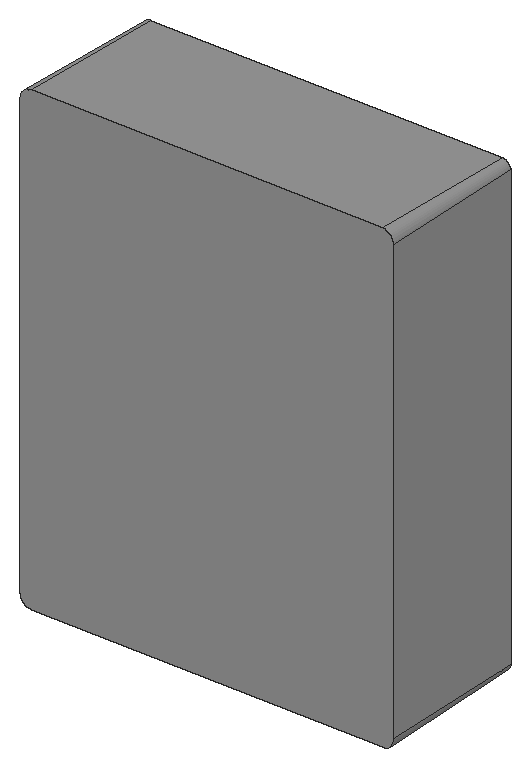
Revit family "L&L_LUCE&LIGHT_PASITO_MINI_1.2", category Lighting Fixtures, host Wall, Revit 2018 (continued)
Types (2, lengths in cm): name | Photometric Web File | built-in parameter 1150142
    7 0.10 0.13 0.20 0.28 0.38 0.51 \r\n0.67 0.80 1.02 1.35 1.92 10.88 28.24 39.58 41.61 43.07 \r\n44.89 47.09 48.36 49.02 49.03 48.70 49.01 50.02 51.15 \r\n51.78 52.26 52.91 53.81 54.80 55.75 56.78 57.92 58.70 \r\n59.53 60.85 62.20 63.68 65.09 66.15 66.91 67.66 68.39 \r\n69.05 69.65 69.94 70.26 70.61 70.87 71.18 71.59 72.22 \r\n72.98 73.66 74.14 74.44 74.75 75.14 75.61 76.20 76.94 \r\n77.62 78.01 78.19 78.41 78.85 79.50 79.80 78.14 73.07 \r\n64.49 53.90 42.51 30.92 20.01 11.28 5.86 3.30 2.68 2.46 \r\n2.29 2.19 2.11 2.03 1.96 1.89 1.83 1.76 1.71 1.65 1.59 \r\n1.54 1.48 1.43 1.38 1.34 1.30 1.28 1.25 1.22 1.18 1.14 \r\n1.10 1.06 1.02 0.98 0.94 0.91 0.88 0.86 0.84 0.82 0.80 \r\n0.78 0.75 0.73 0.71 0.69 0.66 0.64 0.62 0.60 0.58 0.56 \r\n0.53 0.51 0.49 0.47 0.45 0.43 0.41 0.39 0.37 0.35 0.34 \r\n0.32 0.31 0.29 0.28 0.26 0.25 0.23 0.22 0.21 0.20 0.18 \r\n0.17 0.16 0.15 0.14 0.13 0.12 0.11 0.10 0.09 0.08 0.07 \r\n0.07 0.06 0.05 0.05 0.04 0.04 0.03 0.03 0.02 0.02 0.02 \r\n0.02 0.01 0.01 0.01 0.01 0.01 0.00 0.00 \r\n0.00 0.00 0.02 0.04 0.08 0.10 0.15 0.22 0.31 0.42 0.56 \r\n0.72 0.90 1.15 1.64 7.01 23.21 37.78 41.00 42.37 44.00 \r\n46.13 47.33 47.84 47.70 47.12 47.22 48.21 49.21 49.69 \r\n50.21 50.81 51.63 52.49 53.31 54.21 54.93 55.26 56.09 \r\n57.06 58.23 59.61 60.87 61.90 62.75 63.37 63.84 64.45 \r\n64.98 65.36 65.62 65.81 65.96 66.16 66.49 66.94 67.43 \r\n67.82 68.16 68.51 68.91 69.23 69.59 70.15 70.68 71.05 \r\n71.33 71.57 71.84 71.93 71.87 71.67 71.18 67.68 60.56 \r\n51.24 41.63 31.77 21.70 12.89 6.66 3.37 2.47 2.17 2.10 \r\n2.02 1.95 1.89 1.82 1.76 1.71 1.66 1.61 1.56 1.51 1.47 \r\n1.42 1.37 1.33 1.29 1.26 1.23 1.20 1.17 1.13 1.10 1.06 \r\n1.02 0.99 0.96 0.93 0.90 0.87 0.84 0.82 0.80 0.79 0.77 \r\n0.75 0.73 0.71 0.69 0.67 0.65 0.64 0.61 0.59 0.58 0.55 \r\n0.53 0.51 0.49 0.48 0.46 0.44 0.42 0.40 0.38 0.36 0.35 \r\n0.33 0.32 0.31 0.29 0.27 0.26 0.25 0.23 0.22 0.21 0.20 \r\n0.18 0.17 0.16 0.15 0.14 0.13 0.12 0.11 0.10 0.09 0.08 \r\n0.07 0.06 0.06 0.05 0.04 0.04 0.03 0.03 0.03 0.02 0.02 \r\n0.02 0.01 0.01 0.01 0.01 0.01 0.00 0.00 \r\n0.00 0.00 0.02 0.05 0.08 0.11 0.16 0.24 0.33 0.46 0.61 \r\n0.76 0.96 1.32 2.90 13.29 33.41 40.10 41.67 43.03 45.00 \r\n46.43 46.94 46.77 45.97 45.67 46.41 47.23 47.65 48.03 \r\n48.35 49.02 49.73 50.47 51.22 51.75 52.14 52.70 53.45 \r\n54.40 55.46 56.44 57.35 58.18 58.80 59.43 60.09 60.60 \r\n61.01 61.22 61.39 61.63 62.00 62.26 62.48 62.71 62.82 \r\n62.86 63.03 63.34 63.61 63.88 64.19 64.57 64.97 65.29 \r\n65.55 65.72 65.74 65.56 65.33 64.97 63.18 58.07 50.31 \r\n41.50 32.54 23.57 14.57 7.35 3.76 2.43 2.09 1.95 1.87 \r\n1.82 1.76 1.71 1.65 1.61 1.56 1.52 1.48 1.43 1.39 1.35 \r\n1.31 1.27 1.23 1.21 1.18 1.15 1.11 1.07 1.04 1.01 0.98 \r\n0.95 0.93 0.90 0.88 0.85 0.82 0.80 0.78 0.76 0.75 0.73 \r\n0.72 0.70 0.68 0.67 0.65 0.63 0.62 0.60 0.58 0.56 0.55 \r\n0.53 0.51 0.49 0.47 0.46 0.44 0.42 0.41 0.39 0.37 0.36 \r\n0.34 0.33 0.31 0.30 0.28 0.27 0.25 0.24 0.23 0.22 0.20 \r\n0.19 0.18 0.17 0.16 0.14 0.13 0.12 0.11 0.10 0.09 0.08 \r\n0.07 0.07 0.06 0.05 0.05 0.04 0.04 0.03 0.03 0.02 0.02 \r\n0.02 0.01 0.01 0.01 0.01 0.01 0.00 0.00 \r\n0.00 0.00 0.02 0.05 0.08 0.11 0.17 0.25 0.35 0.48 0.64 \r\n0.81 1.02 1.47 5.40 20.47 37.07 40.90 42.25 43.79 45.60 \r\n46.42 46.38 45.63 44.82 45.07 45.77 46.10 46.40 46.49 \r\n46.86 47.33 47.85 48.35 48.71 48.92 49.25 49.64 50.25 \r\n51.05 51.75 52.34 52.77 53.13 53.55 54.02 54.44 54.82 \r\n54.88 54.86 54.93 55.15 55.31 55.34 55.55 55.91 56.22 \r\n56.58 56.90 57.05 57.25 57.49 57.73 58.24 58.86 59.26 \r\n59.50 59.74 59.76 59.76 59.66 59.03 56.47 50.61 42.71 \r\n34.92 26.98 18.60 10.96 5.00 2.64 2.05 1.83 1.77 1.72 \r\n1.66 1.62 1.57 1.53 1.49 1.46 1.42 1.38 1.33 1.29 1.26 \r\n1.22 1.19 1.16 1.13 1.10 1.06 1.03 1.00 0.97 0.94 0.91 \r\n0.89 0.87 0.84 0.83 0.81 0.78 0.75 0.73 0.72 0.70 0.69 \r\n0.68 0.67 0.65 0.64 0.62 0.61 0.59 0.58 0.56 0.55 0.53 \r\n0.52 0.50 0.49 0.47 0.45 0.44 0.42 0.41 0.39 0.37 0.36 \r\n0.34 0.33 0.31 0.30 0.29 0.27 0.26 0.25 0.24 0.22 0.21 \r\n0.20 0.18 0.17 0.16 0.15 0.14 0.13 0.12 0.11 0.10 0.09 \r\n0.08 0.07 0.06 0.05 0.05 0.04 0.04 0.03 0.03 0.02 0.02 \r\n0.02 0.01 0.01 0.01 0.01 0.01 0.00 0.00 \r\n0.00 0.00 0.02 0.05 0.09 0.12 0.17 0.26 0.37 0.50 0.67 \r\n0.85 1.09 1.56 6.34 24.67 38.21 41.61 42.91 44.50 46.12 \r\n46.68 46.29 45.24 44.65 45.06 45.44 45.67 45.80 45.88 \r\n46.16 46.49 46.72 46.97 46.96 46.83 46.96 47.03 47.36 \r\n47.72 47.95 48.06 47.99 47.97 48.07 48.06 48.06 47.93 \r\n47.48 47.17 47.04 47.11 47.25 47.25 47.30 47.31 47.31 \r\n47.43 47.60 47.67 47.76 47.97 48.27 48.61 48.98 49.31 \r\n49.61 49.87 50.08 50.24 50.05 49.57 47.38 41.82 35.35 \r\n28.40 21.50 14.52 8.19 3.78 2.27 1.81 1.70 1.64 1.59 1.55 \r\n1.51 1.47 1.43 1.39 1.36 1.32 1.28 1.24 1.21 1.18 1.15 \r\n1.11 1.08 1.05 1.01 0.98 0.95 0.93 0.91 0.88 0.86 0.84 \r\n0.82 0.80 0.78 0.76 0.74 0.71 0.69 0.68 0.67 0.66 0.65 \r\n0.64 0.62 0.61 0.59 0.58 0.57 0.55 0.54 0.53 0.51 0.50 \r\n0.48 0.47 0.46 0.44 0.43 0.42 0.40 0.39 0.37 0.36 0.35 \r\n0.33 0.32 0.30 0.29 0.28 0.27 0.25 0.24 0.23 0.22 0.20 \r\n0.19 0.18 0.17 0.15 0.14 0.13 0.12 0.11 0.10 0.09 0.08 \r\n0.07 0.07 0.06 0.05 0.04 0.04 0.03 0.03 0.03 0.02 0.02 \r\n0.02 0.01 0.01 0.01 0.01 0.00 0.00 \r\n0.00 0.00 0.02 0.05 0.09 0.12 0.18 0.27 0.37 0.51 0.69 \r\n0.87 1.11 1.58 5.28 26.37 38.90 42.15 43.43 45.07 46.77 \r\n47.18 46.79 45.60 45.20 45.63 45.91 46.18 46.24 46.33 \r\n46.47 46.73 46.71 46.84 46.43 46.19 46.05 45.78 45.77 \r\n45.69 45.49 45.17 44.63 44.17 43.76 43.33 42.89 42.23 \r\n41.44 40.76 40.26 39.89 39.59 39.22 38.81 38.50 38.27 \r\n38.10 37.98 37.86 37.74 37.70 37.70 37.86 38.13 38.35 \r\n38.54 38.71 38.88 39.05 39.12 38.85 36.77 32.11 26.86 \r\n21.53 16.25 11.11 6.01 2.87 1.99 1.68 1.60 1.55 1.51 1.47 \r\n1.44 1.40 1.36 1.33 1.30 1.26 1.22 1.19 1.16 1.13 1.10 \r\n1.07 1.03 1.00 0.97 0.94 0.91 0.89 0.87 0.84 0.82 0.80 \r\n0.79 0.77 0.75 0.74 0.72 0.69 0.67 0.66 0.65 0.64 0.63 \r\n0.62 0.61 0.60 0.59 0.58 0.57 0.55 0.54 0.53 0.52 0.51 \r\n0.49 0.48 0.47 0.45 0.44 0.43 0.41 0.40 0.38 0.37 0.36 \r\n0.34 0.33 0.31 0.30 0.28 0.27 0.26 0.25 0.23 0.22 0.21 \r\n0.20 0.18 0.17 0.16 0.15 0.13 0.12 0.11 0.10 0.09 0.08 \r\n0.08 0.07 0.06 0.05 0.05 0.04 0.03 0.03 0.03 0.02 0.02 \r\n0.02 0.01 0.01 0.01 0.01 0.00 0.00 \r\n0.00 0.00 0.02 0.05 0.09 0.12 0.18 0.27 0.37 0.51 0.69 \r\n0.87 1.09 1.52 3.07 25.42 39.07 42.52 43.77 45.43 47.35 \r\n47.83 47.63 46.46 46.05 46.53 46.87 47.22 47.31 47.39 \r\n47.39 47.74 47.57 47.60 47.18 46.72 46.53 45.99 45.88 \r\n45.66 45.32 44.77 44.19 43.47 43.01 42.29 41.50 40.76 \r\n39.62 38.78 37.97 37.39 36.97 36.47 36.01 35.57 35.18 \r\n34.95 34.74 34.56 34.45 34.40 34.34 34.31 34.45 34.64 \r\n34.82 34.90 34.99 35.13 35.22 35.01 33.95 30.18 25.60 \r\n20.63 15.69 11.45 7.00 3.29 2.23 1.77 1.66 1.61 1.57 1.53 \r\n1.49 1.46 1.42 1.38 1.31 1.29 1.25 1.21 1.18 1.15 1.12 \r\n1.09 1.05 1.01 0.98 0.96 0.93 0.90 0.88 0.86 0.84 0.82 \r\n0.80 0.78 0.77 0.75 0.73 0.70 0.69 0.67 0.66 0.65 0.64 \r\n0.63 0.62 0.61 0.59 0.58 0.57 0.56 0.55 0.54 0.52 0.51 \r\n0.50 0.49 0.47 0.46 0.44 0.43 0.41 0.40 0.39 0.37 0.36 \r\n0.34 0.33 0.31 0.30 0.29 0.28 0.26 0.25 0.24 0.23 0.21 \r\n0.20 0.19 0.17 0.16 0.15 0.14 0.13 0.11 0.10 0.09 0.08 \r\n0.08 0.07 0.06 0.05 0.05 0.04 0.04 0.03 0.03 0.02 0.02 \r\n0.02 0.01 0.01 0.01 0.01 0.00 0.00 \r\n0.00 0.00 0.02 0.05 0.09 0.12 0.18 0.27 0.37 0.51 0.69 \r\n0.87 1.11 1.58 5.28 26.37 38.90 42.15 43.43 45.07 46.77 \r\n47.18 46.79 45.60 45.20 45.63 45.91 46.18 46.24 46.33 \r\n46.47 46.73 46.71 46.84 46.43 46.19 46.05 45.78 45.77 \r\n45.69 45.49 45.17 44.63 44.17 43.76 43.33 42.89 42.23 \r\n41.44 40.76 40.26 39.89 39.59 39.22 38.81 38.50 38.27 \r\n38.10 37.98 37.86 37.74 37.70 37.70 37.86 38.13 38.35 \r\n38.54 38.71 38.88 39.05 39.12 38.85 36.77 32.11 26.86 \r\n21.53 16.25 11.11 6.01 2.87 1.99 1.68 1.60 1.55 1.51 1.47 \r\n1.44 1.40 1.36 1.33 1.30 1.26 1.22 1.19 1.16 1.13 1.10 \r\n1.07 1.03 1.00 0.97 0.94 0.91 0.89 0.87 0.84 0.82 0.80 \r\n0.79 0.77 0.75 0.74 0.72 0.69 0.67 0.66 0.65 0.64 0.63 \r\n0.62 0.61 0.60 0.59 0.58 0.57 0.55 0.54 0.53 0.52 0.51 \r\n0.49 0.48 0.47 0.45 0.44 0.43 0.41 0.40 0.38 0.37 0.36 \r\n0.34 0.33 0.31 0.30 0.28 0.27 0.26 0.25 0.23 0.22 0.21 \r\n0.20 0.18 0.17 0.16 0.15 0.13 0.12 0.11 0.10 0.09 0.08 \r\n0.08 0.07 0.06 0.05 0.05 0.04 0.03 0.03 0.03 0.02 0.02 \r\n0.02 0.01 0.01 0.01 0.01 0.00 0.00 \r\n0.00 0.00 0.02 0.05 0.09 0.12 0.17 0.26 0.37 0.50 0.67 \r\n0.85 1.09 1.56 6.34 24.67 38.21 41.61 42.91 44.50 46.12 \r\n46.68 46.29 45.24 44.65 45.06 45.44 45.67 45.80 45.88 \r\n46.16 46.49 46.72 46.97 46.96 46.83 46.96 47.03 47.36 \r\n47.72 47.95 48.06 47.99 47.97 48.07 48.06 48.06 47.93 \r\n47.48 47.17 47.04 47.11 47.25 47.25 47.30 47.31 47.31 \r\n47.43 47.60 47.67 47.76 47.97 48.27 48.61 48.98 49.31 \r\n49.61 49.87 50.08 50.24 50.05 49.57 47.38 41.82 35.35 \r\n28.40 21.50 14.52 8.19 3.78 2.27 1.81 1.70 1.64 1.59 1.55 \r\n1.51 1.47 1.43 1.39 1.36 1.32 1.28 1.24 1.21 1.18 1.15 \r\n1.11 1.08 1.05 1.01 0.98 0.95 0.93 0.91 0.88 0.86 0.84 \r\n0.82 0.80 0.78 0.76 0.74 0.71 0.69 0.68 0.67 0.66 0.65 \r\n0.64 0.62 0.61 0.59 0.58 0.57 0.55 0.54 0.53 0.51 0.50 \r\n0.48 0.47 0.46 0.44 0.43 0.42 0.40 0.39 0.37 0.36 0.35 \r\n0.33 0.32 0.30 0.29 0.28 0.27 0.25 0.24 0.23 0.22 0.20 \r\n0.19 0.18 0.17 0.15 0.14 0.13 0.12 0.11 0.10 0.09 0.08 \r\n0.07 0.07 0.06 0.05 0.04 0.04 0.03 0.03 0.03 0.02 0.02 \r\n0.02 0.01 0.01 0.01 0.01 0.00 0.00 \r\n0.00 0.00 0.02 0.05 0.08 0.11 0.17 0.25 0.35 0.48 0.64 \r\n0.81 1.02 1.47 5.40 20.47 37.07 40.90 42.25 43.79 45.60 \r\n46.42 46.38 45.63 44.82 45.07 45.77 46.10 46.40 46.49 \r\n46.86 47.33 47.85 48.35 48.71 48.92 49.25 49.64 50.25 \r\n51.05 51.75 52.34 52.77 53.13 53.55 54.02 54.44 54.82 \r\n54.88 54.86 54.93 55.15 55.31 55.34 55.55 55.91 56.22 \r\n56.58 56.90 57.05 57.25 57.49 57.73 58.24 58.86 59.26 \r\n59.50 59.74 59.76 59.76 59.66 59.03 56.47 50.61 42.71 \r\n34.92 26.98 18.60 10.96 5.00 2.64 2.05 1.83 1.77 1.72 \r\n1.66 1.62 1.57 1.53 1.49 1.46 1.42 1.38 1.33 1.29 1.26 \r\n1.22 1.19 1.16 1.13 1.10 1.06 1.03 1.00 0.97 0.94 0.91 \r\n0.89 0.87 0.84 0.83 0.81 0.78 0.75 0.73 0.72 0.70 0.69 \r\n0.68 0.67 0.65 0.64 0.62 0.61 0.59 0.58 0.56 0.55 0.53 \r\n0.52 0.50 0.49 0.47 0.45 0.44 0.42 0.41 0.39 0.37 0.36 \r\n0.34 0.33 0.31 0.30 0.29 0.27 0.26 0.25 0.24 0.22 0.21 \r\n0.20 0.18 0.17 0.16 0.15 0.14 0.13 0.12 0.11 0.10 0.09 \r\n0.08 0.07 0.06 0.05 0.05 0.04 0.04 0.03 0.03 0.02 0.02 \r\n0.02 0.01 0.01 0.01 0.01 0.01 0.00 0.00 \r\n0.00 0.00 0.02 0.05 0.08 0.11 0.16 0.24 0.33 0.46 0.61 \r\n0.76 0.96 1.32 2.90 13.29 33.41 40.10 41.67 43.03 45.00 \r\n46.43 46.94 46.77 45.97 45.67 46.41 47.23 47.65 48.03 \r\n48.35 49.02 49.73 50.47 51.22 51.75 52.14 52.70 53.45 \r\n54.40 55.46 56.44 57.35 58.18 58.80 59.43 60.09 60.60 \r\n61.01 61.22 61.39 61.63 62.00 62.26 62.48 62.71 62.82 \r\n62.86 63.03 63.34 63.61 63.88 64.19 64.57 64.97 65.29 \r\n65.55 65.72 65.74 65.56 65.33 64.97 63.18 58.07 50.31 \r\n41.50 32.54 23.57 14.57 7.35 3.76 2.43 2.09 1.95 1.87 \r\n1.82 1.76 1.71 1.65 1.61 1.56 1.52 1.48 1.43 1.39 1.35 \r\n1.31 1.27 1.23 1.21 1.18 1.15 1.11 1.07 1.04 1.01 0.98 \r\n0.95 0.93 0.90 0.88 0.85 0.82 0.80 0.78 0.76 0.75 0.73 \r\n0.72 0.70 0.68 0.67 0.65 0.63 0.62 0.60 0.58 0.56 0.55 \r\n0.53 0.51 0.49 0.47 0.46 0.44 0.42 0.41 0.39 0.37 0.36 \r\n0.34 0.33 0.31 0.30 0.28 0.27 0.25 0.24 0.23 0.22 0.20 \r\n0.19 0.18 0.17 0.16 0.14 0.13 0.12 0.11 0.10 0.09 0.08 \r\n0.07 0.07 0.06 0.05 0.05 0.04 0.04 0.03 0.03 0.02 0.02 \r\n0.02 0.01 0.01 0.01 0.01 0.01 0.00 0.00 \r\n0.00 0.00 0.02 0.04 0.08 0.10 0.15 0.22 0.31 0.42 0.56 \r\n0.72 0.90 1.15 1.64 7.01 23.21 37.78 41.00 42.37 44.00 \r\n46.13 47.33 47.84 47.70 47.12 47.22 48.21 49.21 49.69 \r\n50.21 50.81 51.63 52.49 53.31 54.21 54.93 55.26 56.09 \r\n57.06 58.23 59.61 60.87 61.90 62.75 63.37 63.84 64.45 \r\n64.98 65.36 65.62 65.81 65.96 66.16 66.49 66.94 67.43 \r\n67.82 68.16 68.51 68.91 69.23 69.59 70.15 70.68 71.05 \r\n71.33 71.57 71.84 71.93 71.87 71.67 71.18 67.68 60.56 \r\n51.24 41.63 31.77 21.70 12.89 6.66 3.37 2.47 2.17 2.10 \r\n2.02 1.95 1.89 1.82 1.76 1.71 1.66 1.61 1.56 1.51 1.47 \r\n1.42 1.37 1.33 1.29 1.26 1.23 1.20 1.17 1.13 1.10 1.06 \r\n1.02 0.99 0.96 0.93 0.90 0.87 0.84 0.82 0.80 0.79 0.77 \r\n0.75 0.73 0.71 0.69 0.67 0.65 0.64 0.61 0.59 0.58 0.55 \r\n0.53 0.51 0.49 0.48 0.46 0.44 0.42 0.40 0.38 0.36 0.35 \r\n0.33 0.32 0.31 0.29 0.27 0.26 0.25 0.23 0.22 0.21 0.20 \r\n0.18 0.17 0.16 0.15 0.14 0.13 0.12 0.11 0.10 0.09 0.08 \r\n0.07 0.06 0.06 0.05 0.04 0.04 0.03 0.03 0.03 0.02 0.02 \r\n0.02 0.01 0.01 0.01 0.01 0.01 0.00 0.00 \r\n0.00 0.00 0.01 0.04 0.07 0.10 0.13 0.20 0.28 0.38 0.51 \r\n0.67 0.80 1.02 1.35 1.92 10.88 28.24 39.58 41.61 43.07 \r\n44.89 47.09 48.36 49.02 49.03 48.70 49.01 50.02 51.15 \r\n51.78 52.26 52.91 53.81 54.80 55.75 56.78 57.92 58.70 \r\n59.53 60.85 62.20 63.68 65.09 66.15 66.91 67.66 68.39 \r\n69.05 69.65 69.94 70.26 70.61 70.87 71.18 71.59 72.22 \r\n72.98 73.66 74.14 74.44 74.75 75.14 75.61 76.20 76.94 \r\n77.62 78.01 78.19 78.41 78.85 79.50 79.80 78.14 73.07 \r\n64.49 53.90 42.51 30.92 20.01 11.28 5.86 3.30 2.68 2.46 \r\n2.29 2.19 2.11 2.03 1.96 1.89 1.83 1.76 1.71 1.65 1.59 \r\n1.54 1.48 1.43 1.38 1.34 1.30 1.28 1.25 1.22 1.18 1.14 \r\n1.10 1.06 1.02 0.98 0.94 0.91 0.88 0.86 0.84 0.82 0.80 \r\n0.78 0.75 0.73 0.71 0.69 0.66 0.64 0.62 0.60 0.58 0.56 \r\n0.53 0.51 0.49 0.47 0.45 0.43 0.41 0.39 0.37 0.35 0.34 \r\n0.32 0.31 0.29 0.28 0.26 0.25 0.23 0.22 0.21 0.20 0.18 \r\n0.17 0.16 0.15 0.14 0.13 0.12 0.11 0.10 0.09 0.08 0.07 \r\n0.07 0.06 0.05 0.05 0.04 0.04 0.03 0.03 0.02 0.02 0.02 \r\n0.02 0.01 0.01 0.01 0.01 0.01 0.00 0.00 \r\n0.00 0.00 0.01 0.03 0.07 0.09 0.12 0.17 0.25 0.34 0.45 \r\n0.59 0.75 0.90 1.13 1.53 2.59 12.81 29.47 39.83 42.10 \r\n43.69 45.55 47.84 49.53 50.33 50.73 50.46 50.64 51.68 \r\n52.94 53.81 54.59 55.35 56.32 57.61 58.85 60.05 61.41 \r\n62.69 63.53 64.82 66.33 67.65 69.04 70.29 71.29 72.17 \r\n73.03 73.80 74.43 75.00 75.63 76.24 76.90 77.49 78.08 \r\n78.91 79.88 80.70 81.35 81.96 82.56 83.25 84.00 84.73 \r\n85.47 86.24 86.84 87.05 87.13 87.48 87.89 87.33 85.82 \r\n80.23 70.88 59.04 45.90 32.36 19.73 9.81 5.67 4.26 3.03 \r\n2.64 2.51 2.39 2.21 2.14 2.10 2.04 1.96 1.88 1.80 1.74 \r\n1.67 1.61 1.54 1.48 1.42 1.37 1.33 1.29 1.26 1.22 1.18 \r\n1.14 1.09 1.05 1.00 0.97 0.94 0.91 0.89 0.86 0.84 0.82 \r\n0.79 0.76 0.74 0.71 0.69 0.66 0.64 0.61 0.59 0.57 0.54 \r\n0.52 0.50 0.47 0.45 0.43 0.41 0.39 0.37 0.35 0.34 0.32 \r\n0.30 0.29 0.27 0.26 0.25 0.23 0.22 0.21 0.20 0.18 0.17 \r\n0.16 0.15 0.14 0.13 0.12 0.11 0.10 0.09 0.08 0.08 0.07 \r\n0.06 0.05 0.05 0.04 0.04 0.03 0.03 0.03 0.02 0.02 0.02 \r\n0.01 0.01 0.01 0.01 0.01 0.01 0.00 0.00 \r\n0.00 0.00 0.01 0.03 0.06 0.09 0.11 0.15 0.22 0.30 0.39 \r\n0.51 0.66 0.82 0.98 1.24 1.66 2.60 12.36 28.00 38.86 \r\n42.50 44.24 46.10 48.40 50.65 51.91 52.61 52.92 53.00 \r\n53.71 55.24 56.82 57.95 58.98 60.06 61.38 62.86 64.33 \r\n65.74 67.26 68.54 69.47 70.73 72.26 73.68 75.17 76.71 \r\n78.06 79.22 80.34 81.44 82.41 83.39 84.39 85.33 86.23 \r\n87.11 87.96 88.85 89.76 90.65 91.61 92.69 93.79 94.85 \r\n95.88 97.03 98.26 99.32 100.04 100.61 101.23 101.53 \r\n100.62 97.08 90.08 79.41 65.94 51.30 36.94 24.12 13.83 \r\n6.66 3.96 3.49 3.06 2.71 2.58 2.45 2.33 2.14 2.06 2.03 \r\n1.97 1.89 1.79 1.70 1.62 1.56 1.49 1.43 1.37 1.32 1.27 \r\n1.22 1.17 1.13 1.08 1.04 1.00 0.97 0.94 0.91 0.89 0.86 \r\n0.83 0.80 0.78 0.75 0.72 0.70 0.67 0.64 0.62 0.59 0.56 \r\n0.54 0.52 0.49 0.46 0.44 0.42 0.40 0.38 0.36 0.34 0.33 \r\n0.31 0.29 0.28 0.27 0.25 0.24 0.23 0.21 0.20 0.19 0.18 \r\n0.17 0.16 0.14 0.13 0.12 0.11 0.11 0.10 0.09 0.08 0.07 \r\n0.07 0.06 0.05 0.05 0.04 0.04 0.03 0.03 0.03 0.02 0.02 \r\n0.02 0.02 0.01 0.01 0.01 0.01 0.01 0.01 0.00 0.00 \r\n0.00 0.00 0.01 0.02 0.05 0.08 0.10 0.12 0.18 0.25 0.33 \r\n0.43 0.55 0.70 0.87 1.00 1.30 1.62 2.94 8.55 23.20 36.02 \r\n42.45 45.01 46.77 48.91 51.50 53.68 55.19 56.25 56.75 \r\n57.22 58.36 60.12 61.76 63.18 64.37 65.55 67.00 68.58 \r\n70.02 71.41 72.92 74.47 75.76 76.98 78.63 80.44 82.22 \r\n84.12 86.15 88.10 89.82 91.40 92.93 94.47 95.93 97.27 \r\n98.54 99.75 100.97 102.32 103.78 105.23 106.59 108.01 \r\n109.53 111.05 112.49 113.86 115.12 116.36 117.72 119.05 \r\n119.53 118.07 113.47 104.80 92.19 76.38 58.38 40.24 24.21 \r\n12.69 7.82 5.08 3.66 3.12 2.95 2.78 2.61 2.39 2.28 2.21 \r\n2.14 2.04 1.93 1.83 1.74 1.65 1.58 1.50 1.43 1.36 1.29 \r\n1.23 1.17 1.12 1.07 1.03 1.00 0.96 0.93 0.90 0.87 0.84 \r\n0.81 0.77 0.74 0.71 0.68 0.66 0.63 0.60 0.57 0.55 0.52 \r\n0.49 0.47 0.44 0.42 0.40 0.38 0.36 0.34 0.33 0.31 0.29 \r\n0.28 0.27 0.25 0.24 0.23 0.21 0.20 0.19 0.18 0.17 0.16 \r\n0.15 0.14 0.13 0.12 0.11 0.10 0.09 0.09 0.08 0.07 0.07 \r\n0.06 0.05 0.05 0.04 0.04 0.04 0
